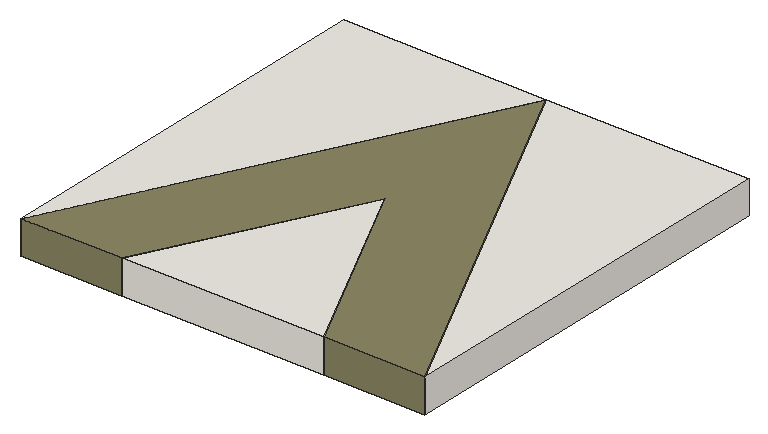
Revit family "Cambio Wall Systems - Art and Graphic - CHEVRON 18x18", category Generic Models, host Face, Revit 2023
Family settings
  Host = Face
  Can host rebar = No
  Round Connector Dimension = Use Diameter
  Part Type = Normal
  Cut with Voids When Loaded = No
  Maintain Annotation Orientation = No
  Shared = No
  Room Calculation Point = No
Parameters (values of type "Art and Graphics - SAGUARO WHITE FLOUR")
  Default Elevation = 4' - 0"
  Cambio Material 2 = Cambio Art and Graphics - White Flour
  Cambio Material = Cambio Art and Graphics - Saguaro
Types (4): name | Cambio Material 2 | Cambio Material
  Art and Graphics - HONEYCOMB EVENING SHADOW | Cambio Art and Graphics - Evening Shadow | Cambio Art and Graphics - Honeycomb
  Art and Graphics - PEACOCK PLUME EVENING SHADOW | Cambio Art and Graphics - Evening Shadow | Cambio Art and Graphics - Peacock Plume
  Art and Graphics - ROCKWOOD JADE | Cambio Art and Graphics - Maple | Cambio Art and Graphics - Rockwood Jade
  Art and Graphics - SAGUARO WHITE FLOUR | Cambio Art and Graphics - White Flour | Cambio Art and Graphics - Saguaro
Reference planes (in)
  plane 1 "Center (Front/Back)": y = 0
  plane 2: z = 0
  plane 3 "Center (Left/Right)": x = 0
Forms (in)
  Extrusion 1, solid, material "Cambio Art and Graphics - White Flour" <- "Cambio Material 2"
    sketch origin (0, 0, 0) x (1, 0, 0) y (0, 1, 0)
      loop
        line (-4.49996, -9) -> (4.49996, -9) -> (0.00002, -0.00004) -> (-4.49996, -9)
    from 0 to 1.5
  Extrusion 2, solid, material "Cambio Art and Graphics - Saguaro" <- "Cambio Material"
    sketch origin (0, 0, 0) x (1, 0, 0) y (0, 1, 0)
      loop
        line (-4.49994, -8.99995) -> (0.00002, -0.00004) -> (4.49996, -9) -> (8.99996, -9) -> (0.00004, 9) -> (-8.99994, -8.99995) -> (-4.49994, -8.99995)
    from 0 to 1.5
  Extrusion 3, solid, material "Cambio Art and Graphics - White Flour" <- "Cambio Material 2"
    sketch origin (0, 0, 0) x (1, 0, 0) y (0, 1, 0)
      loop
        line (9, 9) -> (0.00004, 9) -> (9, -9.00007) -> (9, 9)
    from 0 to 1.5
  Extrusion 4, solid, material "Cambio Art and Graphics - White Flour" <- "Cambio Material 2"
    sketch origin (0, 0, 0) x (-1, 0, 0) y (0, -1, 0)
      loop
        line (9, -9) -> (9, 9.00007) -> (0.00004, -9) -> (9, -9)
    from 0 to 1.5
Dimensions and locks (in)
  aligned and locked: plane 2 to host face
  aligned and locked: level to host face
